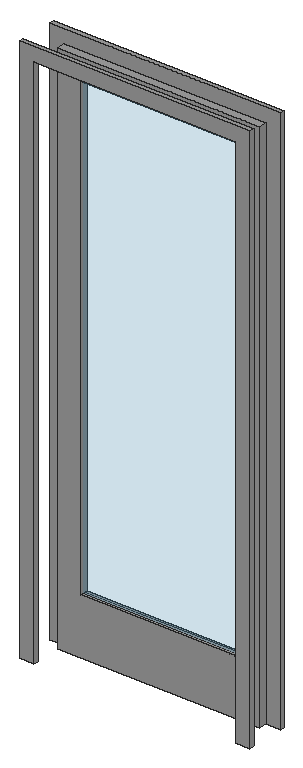
Revit family "AO_Dr-Unit-Sgl_Swg", category Doors, host Wall, Revit 2019
Family settings
  Host = Wall
  OmniClass Number = 23.30.10.00
  OmniClass Title = Doors
  Always vertical = Yes
  Cut with Voids When Loaded = No
  Shared = No
  Room Calculation Point = No
Parameters (values of type "Balcony - 3'-0" x 8'-0" - Metal Clad WD")
  Thickness = 0' - 1 3/8"
  Push - Door Operator = AO_Gen-Door-Hardware_FB : Deadbolt
  Pull - Door Operator = AO_Gen-Door-Hardware_FB : Deadbolt
  Peephole = no
  Panel Type = AO_Gen-Door_Full-Glass-UH : Gen-Door_Full-Glass-UH
  Operation = ""
  Glazing Material = Glass
  Function = Exterior
  Door Angle = 45.00°
  DS - Width = 3' - 0"
  DS - Threshold Material = "METAL"
  DS - Style = "D"
  DS - Smoke & Draft Control = "YES"
  DS - Remarks = "-"
  DS - Push Side = "LEVER"
  DS - Pull Side = "LEVER"
  DS - Lock Set = "ENTRY W/ DEADBOLT"
  DS - Location = "PATIO/BALCONY"
  DS - Leaf Width = "3'-0\""
  DS - Int./ Ext. = "EXT."
  DS - Height = 8' - 0"
  DS - Glazing = "TEMPERED"
  DS - Frame Material = "WOOD"
  DS - Frame Finish = "FIELD PAINT"
  DS - Fire Rating = "-"
  DS - Door Type/Symbol = "U4"
  DS - Door Material = "METAL CLAD WOOD"
  DS - Door Finish = "FIELD PAINT"
  DS - Detail_Threshold = ""
  DS - Detail_Jamb = ""
  DS - Detail_Head = ""
  DS - Closer = "-"
  DS - Action = "SINGLE SWING"
  Clearance Depth - Push Side = 3' - 6"
  Clearance Depth - Pull Side = 3' - 6"
  Clearance - Push Side = 0' - 0"
  Clearance - Pull Side = 1' - 6"
  Assembly Code = "C1020"
  Door Material = Default
  Frame Material = Default
  Height = [DS - Height]  # 8' - 0"
  Trim Projection Ext = 0' - 0 3/4"
  Trim Projection Int = 0' - 0 3/4"
  Trim Width = 0' - 2 1/2"
  Wall Closure = By host
  Width = [DS - Width]  # 3' - 0"
  Analytic Construction = "<None>"
  ADA Clearance Visibility - Push Side [instance] = yes
  ADA Clearance Visibility - Pull Side [instance] = yes
  90 Degree [instance] = yes
  45 Degree [instance] = not([90 Degree])  # no
Reference planes (in)
  plane 1: y = 0
  plane 2: z = 0
  plane 3: x = 0
  plane 4: x = -18
  plane 5: x = 18
  plane 6: z = 96
  plane 7 "Door Back": y = 3
  plane 8: x = -18
  plane 9: x = -36
  plane 10: y = 45
  plane 11: y = -45
  plane 12 "Door Front": y = -3
  plane 13: x = -16
  plane 14: z = 44
  plane 15: z = 60
  plane 16: y = 39
  plane 17: x = 16.625
Forms (in)
  Extrusion 1, solid, material "Default" <- "Frame Material"
    sketch origin (-60, -3, 0) x (1, 0, 0) y (0, 0, 1)
      loop
        line (39.5, 98.5) -> (39.5, 0) -> (42, 0) -> (42, 96) -> (78, 96) -> (78, 0) -> (80.5, 0) -> (80.5, 98.5) -> (39.5, 98.5)
    from 0 to 0.75
  Extrusion 2, solid, material "Default" <- "Frame Material"
    sketch origin (-60, 3, 0) x (-1, 0, 0) y (0, 0, 1)
      loop
        line (-80.5, 98.5) -> (-80.5, 0) -> (-78, 0) -> (-78, 96) -> (-42, 96) -> (-42, 0) -> (-39.5, 0) -> (-39.5, 98.5) -> (-80.5, 98.5)
    from 0 to 0.75
Lines and regions (in)
  Opening 1
    outline origin (-60, -3, 144) x (0, 0, -1) y (1, 0, 0)
      loop
        line (48, 42) -> (144, 42) -> (144, 78) -> (48, 78) -> (48, 42)
  model lines, style "DoorsFrameMullionProjection"
    curve 1: line (-20.5, -3, 0) -> (-20.5, -3, 98.5)
    curve 2: line (-20.5, -3, 98.5) -> (20.5, -3, 98.5)
    curve 3: line (20.5, -3, 98.5) -> (20.5, -3, 0)
    curve 4: line (20.5, 3, 0) -> (20.5, 3, 97.5)
    curve 5: line (-20.5, 3, 97.5) -> (-20.5, 3, 0)
  symbolic lines, style "Elevation Swing"
    curve 6: line (-18, 0, 96) -> (18, 0, 48)
    curve 7: line (-18, 0, 0) -> (18, 0, 48)
  reference lines
    curve 8: line (18, 3, 0) -> (-31.49747, 52.49747, 0)
    curve 9: line (18, 3, 0) -> (40.62742, 25.62742, 0)
  symbolic lines, style "ADA Clearance", visible <- "ADA Clearance Visibility - Pull Side"
    curve 10: line (-36, 3, 0) -> (-36, 45, 0)
    curve 11: line (-36, 45, 0) -> (18, 45, 0)
    curve 12: line (18, 45, 0) -> (18, 3, 0)
    curve 16: line (-36, 3, 0) -> (-18, 3, 0)
  symbolic lines, style "ADA Clearance", visible <- "ADA Clearance Visibility - Push Side"
    curve 13: line (-18, -3, 0) -> (-18, -45, 0)
    curve 14: line (-18, -45, 0) -> (18, -45, 0)
    curve 15: line (18, -45, 0) -> (18, -3, 0)
  symbolic lines, visible <- "Peephole"
    curve 17: circle (0, 3, 60) r 0.5 normal (0, -1, 0)
    curve 18: circle (0, 3, 44) r 0.5 normal (0, -1, 0)
  symbolic lines, style "DoorsPanelProjection", visible <- "90 Degree"
    curve 19: line (18, 3, 0) -> (16.625, 3, 0)
    curve 20: line (18, 3, 0) -> (18, 39, 0)
    curve 21: line (16.625, 3, 0) -> (16.625, 39, 0)
    curve 26: arc (18, 39, 0) -> (-7.45584, 28.45584, 0) -> (-18, 3, 0) r 36
  symbolic lines, style "DoorsPanelProjection", visible <- "45 Degree"
    curve 22: line (17.02773, 2.02773, 0) -> (-8.42812, 27.48357, 0)
    curve 24: line (-7.45584, 28.45584, 0) -> (18, 3, 0)
    curve 25: arc (-18, 3, 0) -> (-15.25966, 16.7766, 0) -> (-7.45584, 28.45584, 0) r 36
  symbolic lines, visible <- "45 Degree"
    curve 23: line (18, 3, 0) -> (17.02773, 2.02773, 0)
Dimensions and locks (in)
  equal spacing: plane 4, plane 3, plane 5
  "DS - Width": plane 4 to plane 5
  "DS - Height": plane 6 to plane 2
  "Trim Width": plane 4 to curve 1
  "Trim Width": plane 5 to curve 3
  "Trim Width": plane 6 to curve 2
  "Trim Projection Ext": Extrusion 2 to host wall
  "Trim Projection Int": Extrusion 1 to host wall
  equal spacing: plane 6, curve 7, level
  "Clearance - Push Side": plane 8 to plane 4
  "Clearance - Pull Side": plane 9 to plane 4
  "Clearance Depth - Pull Side": plane 10 to host wall
  "Clearance Depth - Push Side": plane 11 to host wall
  locked: nested 1 to plane 7 "Door Back" at 0.6875
  locked: plane 4 to plane 13 at 2
  level to plane 14 to plane 15 = 3' - 8" locked, 1' - 4" locked
  "DS - Width": plane 7 "Door Back" to plane 16
  "Thickness": plane 17 to plane 5
  "Thickness": curve 8 to curve 22
  "Door Angle": angle curve 8 to plane 7 "Door Back"
  locked: curve 9 to curve 8 (angle 90.00°)
  aligned and locked: plane 2 to curve 1
  aligned and locked: curve 3 to level
  aligned and locked: curve 4 to curve 3
  aligned and locked: curve 2 to Extrusion 1 sketch curve
  aligned and locked: Extrusion 1 sketch curve to curve 1
  aligned and locked: Extrusion 1 sketch curve to curve 3
  aligned and locked: Extrusion 1 to Extrusion 2 sketch curve
  aligned and locked: Extrusion 2 sketch curve to Extrusion 1  (x2)
  aligned and locked: plane 7 "Door Back" to host wall
  aligned and locked: curve 10 to plane 9
  aligned and locked: curve 12 to plane 5
  aligned and locked: curve 11 to plane 10
  aligned and locked: plane 7 "Door Back" to curve 10
  aligned and locked: curve 15 to plane 5
  aligned and locked: curve 13 to plane 8
  aligned and locked: curve 14 to plane 11
  aligned and locked: host wall to curve 13
  aligned and locked: host wall to curve 15
  aligned and locked: plane 3 to nested 1
  aligned and locked: plane 12 "Door Front" to host wall
  aligned and locked: plane 15 to curve 17
  aligned and locked: plane 3 to curve 17
  aligned and locked: plane 14 to curve 18
  aligned and locked: plane 3 to curve 18
  aligned and locked: plane 17 to curve 21
  aligned and locked: curve 20 to plane 5
  aligned and locked: curve 19 to plane 7 "Door Back"
  aligned and locked: curve 24 to curve 8
  aligned and locked: curve 23 to curve 9
Automatic sketch dimensions
  plane 5 to curve 6 = 0' - 0"
  plane 4 to curve 6 = 0' - 0"
  curve 6 to plane 6 = 0' - 0"
  curve 5 to level = 0' - 0"
  curve 7 to level = 0' - 0"
  curve 4 to level = 0' - 0"
  plane 4 to curve 7 = 0' - 0"
  curve 5 to curve 1 = 0' - 0"
  plane 5 to Opening 1 sketch curve = 0' - 0"
  Opening 1 sketch curve to plane 6 = 0' - 0"
  Opening 1 sketch curve to level = 0' - 0"
  plane 4 to Opening 1 sketch curve = 0' - 0"
  Extrusion 1 sketch curve to level = 0' - 0"  (x2)
  plane 4 to Extrusion 1 sketch curve = 0' - 0"
  plane 5 to Extrusion 1 sketch curve = 0' - 0"
  Extrusion 1 sketch curve to plane 6 = 0' - 0"
  plane 5 to Extrusion 2 sketch curve = 0' - 0"
  plane 4 to Extrusion 2 sketch curve = 0' - 0"
  Extrusion 2 sketch curve to level = 0' - 0"  (x2)
  Extrusion 2 sketch curve to plane 6 = 0' - 0"
  curve 2 to curve 4 = 0' - 1"
  curve 1 to curve 5 = 0' - 1"
  curve 25 to curve 26 = 0' - 0"
  plane 16 to curve 21 = 0' - 0"
  plane 16 to curve 20 = 0' - 0"
  curve 16 to plane 4 = 0' - 0"
  curve 22 to curve 24 = 0' - 0.97227"
  curve 9 to host wall = 0' - 0"
  curve 9 to plane 5 = 0' - 0"
  radius of curve 17 = 0' - 0 1/2"
  radius of curve 18 = 0' - 0 1/2"
Nested families (in)
  nested 1: "AO_Gen-Door_Full-Glass-UH" at (0, 2.3125, 0), type <- "Panel Type", type "Gen-Door_Full-Glass-UH"
    with Width 3' - 0", Height 8' - 0"
Definition of nested family "AO_Gen-Door_Full-Glass-UH"
  Parameters
    Width = 4' - 0"
    Thickness [instance] = 0' - 1 3/8"
    Panel Material = none
    Height = 7' - 0"
    Glazing Material = none
  Reference planes (in)
    plane 1 "Center (Front/Back)": y = 0
    plane 2: z = 0
    plane 3 "Center (Left/Right)": x = 0
    plane 4: y = 0.6875
    plane 5: y = -0.6875
    plane 6: x = 24
    plane 7: x = -24
    plane 8: z = 84
    plane 9: z = 10
    plane 10: x = 20
    plane 11: x = -20
    plane 12: z = 80
    plane 13: y = 0.25
    plane 14: y = -0.25
  Forms (in)
    Extrusion 1, solid, material <- "Panel Material"
      sketch origin (0, 0, 0) x (1, 0, 0) y (0, 0, 1)
        loop
          line (-24, 84) -> (-24, 0) -> (24, 0) -> (24, 84) -> (-24, 84)
        loop
          line (-20, 80) -> (-20, 10) -> (20, 10) -> (20, 80) -> (-20, 80)
      from -0.6875 to 0.6875
    Extrusion 2, solid, material <- "Glazing Material"
      sketch origin (0, 0, 0) x (1, 0, 0) y (0, 0, 1)
        loop
          line (-20, 80) -> (-20, 10) -> (20, 10) -> (20, 80) -> (-20, 80)
      from -0.25 to 0.25
  Dimensions and locks (in)
    equal spacing: plane 7, plane 3 "Center (Left/Right)", plane 6
    "Width": plane 7 to plane 6
    equal spacing: plane 4, plane 1 "Center (Front/Back)", plane 5
    "Thickness": plane 4 to plane 5
    "Height": plane 8 to level
    locked: plane 9 to level at 10
    locked: plane 6 to plane 10 at 4
    locked: plane 11 to plane 7 at 4
    locked: plane 8 to plane 12 at 4
    plane 13 to plane 1 "Center (Front/Back)" to plane 14 = 0' - 0 1/4" locked, 0' - 0 1/4" locked
    aligned and locked: plane 2 to level
    aligned and locked: Extrusion 1 sketch curve to plane 12
    aligned and locked: Extrusion 1 sketch curve to plane 10
    aligned and locked: plane 11 to Extrusion 1 sketch curve
    aligned and locked: plane 9 to Extrusion 1 sketch curve
    aligned and locked: plane 7 to Extrusion 1 sketch curve
    aligned and locked: Extrusion 1 sketch curve to plane 6
    aligned and locked: Extrusion 1 sketch curve to plane 8
    aligned and locked: level to Extrusion 1 sketch curve
    aligned and locked: plane 4 to Extrusion 1
    aligned and locked: Extrusion 1 to plane 5
    aligned and locked: Extrusion 2 sketch curve to plane 12
    aligned and locked: Extrusion 2 sketch curve to plane 10
    aligned and locked: plane 11 to Extrusion 2 sketch curve
    aligned and locked: plane 9 to Extrusion 2 sketch curve
    aligned and locked: plane 13 to Extrusion 2
    aligned and locked: Extrusion 2 to plane 14
